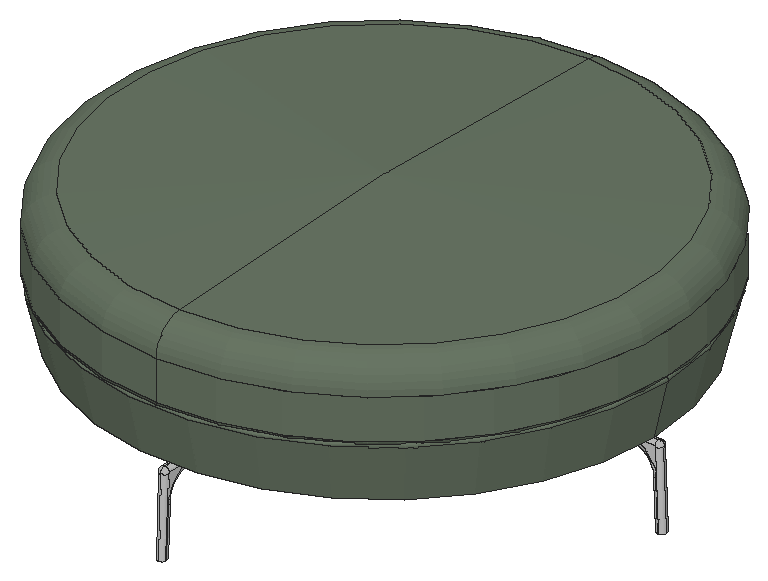
Revit family "FU_Inspec_Addit_8-4", category Furniture, Revit 2020
Family settings
  OmniClass Number = 23.40.20.00
  OmniClass Title = General Furniture and Specialties
  Work Plane-Based = No
  Always vertical = Yes
  Cut with Voids When Loaded = No
  Shared = No
  Room Calculation Point = No
Parameters (values of type "1 Colour")
  URL = "https://inspecfurniture.com/product-details/addit-8-4/"
  Seat Material = Fabric - Green
  Model = "addit 8.4"
  Manufacturer = "Inspec"  # constant formula
  Legs Material = Metal - Chrome - Polished
  Keynote = "46.B"
  Frame Material = Fabric - Green
  Description = "Upholstered ottoman on legs of powder coated or chromium plated cast aluminium."
  Default Elevation = 0 mm
  Content Author = "AEC AB"  # constant formula
  Assembly Code = "E2020"
Types (2, lengths in mm): name | Frame Material
  1 Colour | Fabric - Green
  2 Color | Fabric - White
Reference planes
  plane 1 "Center (Front/Back)": y = 0
  plane 2: z = 0
  plane 3 "Center (Left/Right)": x = 0
  plane 4: y = 600
  plane 5: y = -600
  plane 6: x = -600
  plane 7: x = 600
  plane 8 "Seat Height": z = 470
Forms (mm)
  Extrusion 1, solid, material "Metal - Chrome - Polished" <- "Legs Material"
    sketch origin (225, 0, 0) x (-1, 0, 0) y (0, 0, 1)
      loop
        line (-369.669, 0) -> (-350.696, 0) -> (-346.22, 102.58)
        arc (-346.22, 102.58) -> (-334.768, 132.868) -> (-307.57, 150.44) r 51.803
        line (-307.57, 150.44) -> (-250.011, 159.504) -> (-250.011, 171.44) -> (-354.044, 171.44)
        arc (-354.044, 171.44) -> (-360.991, 168.633) -> (-364.038, 161.788) r 10
        line (-364.038, 161.788) -> (-369.669, 0)
    from -9.172 to 9.116
  Sweep 2, void
    path origin (225, 9.116, 0) x (-1, 0, 0) y (0, 0, 1)
      loop
        line (-250.011, 171.44) -> (-354.044, 171.44)
        arc (-354.044, 171.44) -> (-360.991, 168.633) -> (-364.038, 161.788) r 10
        line (-364.038, 161.788) -> (-369.669, 0)
    profile origin (591.854, 9.116, 80.894) x (-0.999395, 0, -0.034788) y (0, 1, 0)
      loop
        line (0, 0) -> (0, -9)
        arc (0, -9) -> (2.636, -2.636) -> (9, 0) r 9
        line (9, 0) -> (0, 0)
  Sweep 3, void
    path origin (225, -9.172, 0) x (-1, 0, 0) y (0, 0, 1)
      loop
        line (-250.011, 171.44) -> (-354.044, 171.44)
        arc (-354.044, 171.44) -> (-360.991, 168.633) -> (-364.038, 161.788) r 10
        line (-364.038, 161.788) -> (-369.669, 0)
    profile origin (527.027, -9.172, 171.44) x (0, 0, -1) y (0, 1, 0)
      loop
        line (0, 0) -> (9, 0)
        arc (9, 0) -> (2.636, 2.636) -> (0, 9) r 9
        line (0, 9) -> (0, 0)
  Sweep 4, void
    path origin (225, -9.172, 0) x (-1, 0, 0) y (0, 0, 1)
      loop
        line (-350.797, -2.32) -> (-346.22, 102.58)
        arc (-346.22, 102.58) -> (-334.768, 132.868) -> (-307.57, 150.44) r 51.803
        line (-307.57, 150.44) -> (-250.011, 159.504)
    profile origin (503.791, -9.172, 154.972) x (0.155556, 0, 0.987827) y (0, 1, 0)
      loop
        line (0, 0) -> (9, 0)
        arc (9, 0) -> (2.636, 2.636) -> (0, 9) r 9
        line (0, 9) -> (0, 0)
  Sweep 5, void
    path origin (225, 9.116, 0) x (-1, 0, 0) y (0, 0, 1)
      loop
        line (-350.797, -2.32) -> (-346.22, 102.58)
        arc (-346.22, 102.58) -> (-334.768, 132.868) -> (-307.57, 150.44) r 51.803
        line (-307.57, 150.44) -> (-250.011, 159.504)
    profile origin (503.791, 9.116, 154.972) x (0.155556, 0, 0.987827) y (0, 1, 0)
      loop
        line (0, 0) -> (0, -9)
        arc (0, -9) -> (2.636, -2.636) -> (9, 0) r 9
        line (9, 0) -> (0, 0)
  Extrusion 6, solid, material "Metal - Chrome - Polished" <- "Legs Material"
    sketch origin (0, -225, 0) x (0, 1, 0) y (0, 0, 1)
      loop
        line (-369.669, 0) -> (-350.696, 0) -> (-346.22, 102.58)
        arc (-346.22, 102.58) -> (-334.768, 132.868) -> (-307.57, 150.44) r 51.803
        line (-307.57, 150.44) -> (-250.011, 159.504) -> (-250.011, 171.44) -> (-354.044, 171.44)
        arc (-354.044, 171.44) -> (-360.991, 168.633) -> (-364.038, 161.788) r 10
        line (-364.038, 161.788) -> (-369.669, 0)
    from -9.172 to 9.116
  Sweep 7, void
    path origin (9.116, -225, 0) x (0, 1, 0) y (0, 0, 1)
      loop
        line (-250.011, 171.44) -> (-354.044, 171.44)
        arc (-354.044, 171.44) -> (-360.991, 168.633) -> (-364.038, 161.788) r 10
        line (-364.038, 161.788) -> (-369.669, 0)
    profile origin (9.116, -591.854, 80.894) x (0, 0.999395, -0.034788) y (1, 0, 0)
      loop
        line (0, 0) -> (0, -9)
        arc (0, -9) -> (2.636, -2.636) -> (9, 0) r 9
        line (9, 0) -> (0, 0)
  Sweep 8, void
    path origin (-9.172, -225, 0) x (0, 1, 0) y (0, 0, 1)
      loop
        line (-250.011, 171.44) -> (-354.044, 171.44)
        arc (-354.044, 171.44) -> (-360.991, 168.633) -> (-364.038, 161.788) r 10
        line (-364.038, 161.788) -> (-369.669, 0)
    profile origin (-9.172, -527.027, 171.44) x (0, 0, -1) y (1, 0, 0)
      loop
        line (0, 0) -> (9, 0)
        arc (9, 0) -> (2.636, 2.636) -> (0, 9) r 9
        line (0, 9) -> (0, 0)
  Sweep 9, void
    path origin (-9.172, -225, 0) x (0, 1, 0) y (0, 0, 1)
      loop
        line (-350.797, -2.32) -> (-346.22, 102.58)
        arc (-346.22, 102.58) -> (-334.768, 132.868) -> (-307.57, 150.44) r 51.803
        line (-307.57, 150.44) -> (-250.011, 159.504)
    profile origin (-9.172, -503.791, 154.972) x (0, -0.155556, 0.987827) y (1, 0, 0)
      loop
        line (0, 0) -> (9, 0)
        arc (9, 0) -> (2.636, 2.636) -> (0, 9) r 9
        line (0, 9) -> (0, 0)
  Sweep 10, void
    path origin (9.116, -225, 0) x (0, 1, 0) y (0, 0, 1)
      loop
        line (-350.797, -2.32) -> (-346.22, 102.58)
        arc (-346.22, 102.58) -> (-334.768, 132.868) -> (-307.57, 150.44) r 51.803
        line (-307.57, 150.44) -> (-250.011, 159.504)
    profile origin (9.116, -503.791, 154.972) x (0, -0.155556, 0.987827) y (1, 0, 0)
      loop
        line (0, 0) -> (0, -9)
        arc (0, -9) -> (2.636, -2.636) -> (9, 0) r 9
        line (9, 0) -> (0, 0)
  Extrusion 11, solid, material "Metal - Chrome - Polished" <- "Legs Material"
    sketch origin (-225, 0, 0) x (1, 0, 0) y (0, 0, 1)
      loop
        line (-369.669, 0) -> (-350.696, 0) -> (-346.22, 102.58)
        arc (-346.22, 102.58) -> (-334.768, 132.868) -> (-307.57, 150.44) r 51.803
        line (-307.57, 150.44) -> (-250.011, 159.504) -> (-250.011, 171.44) -> (-354.044, 171.44)
        arc (-354.044, 171.44) -> (-360.991, 168.633) -> (-364.038, 161.788) r 10
        line (-364.038, 161.788) -> (-369.669, 0)
    from -9.172 to 9.116
  Sweep 12, void
    path origin (-225, -9.116, 0) x (1, 0, 0) y (0, 0, 1)
      loop
        line (-250.011, 171.44) -> (-354.044, 171.44)
        arc (-354.044, 171.44) -> (-360.991, 168.633) -> (-364.038, 161.788) r 10
        line (-364.038, 161.788) -> (-369.669, 0)
    profile origin (-591.854, -9.116, 80.894) x (0.999395, 0, -0.034788) y (0, -1, 0)
      loop
        line (0, 0) -> (0, -9)
        arc (0, -9) -> (2.636, -2.636) -> (9, 0) r 9
        line (9, 0) -> (0, 0)
  Sweep 13, void
    path origin (-225, 9.172, 0) x (1, 0, 0) y (0, 0, 1)
      loop
        line (-250.011, 171.44) -> (-354.044, 171.44)
        arc (-354.044, 171.44) -> (-360.991, 168.633) -> (-364.038, 161.788) r 10
        line (-364.038, 161.788) -> (-369.669, 0)
    profile origin (-527.027, 9.172, 171.44) x (0, 0, -1) y (0, -1, 0)
      loop
        line (0, 0) -> (9, 0)
        arc (9, 0) -> (2.636, 2.636) -> (0, 9) r 9
        line (0, 9) -> (0, 0)
  Sweep 14, void
    path origin (-225, 9.172, 0) x (1, 0, 0) y (0, 0, 1)
      loop
        line (-350.797, -2.32) -> (-346.22, 102.58)
        arc (-346.22, 102.58) -> (-334.768, 132.868) -> (-307.57, 150.44) r 51.803
        line (-307.57, 150.44) -> (-250.011, 159.504)
    profile origin (-503.791, 9.172, 154.972) x (-0.155556, 0, 0.987827) y (0, -1, 0)
      loop
        line (0, 0) -> (9, 0)
        arc (9, 0) -> (2.636, 2.636) -> (0, 9) r 9
        line (0, 9) -> (0, 0)
  Sweep 15, void
    path origin (-225, -9.116, 0) x (1, 0, 0) y (0, 0, 1)
      loop
        line (-350.797, -2.32) -> (-346.22, 102.58)
        arc (-346.22, 102.58) -> (-334.768, 132.868) -> (-307.57, 150.44) r 51.803
        line (-307.57, 150.44) -> (-250.011, 159.504)
    profile origin (-503.791, -9.116, 154.972) x (-0.155556, 0, 0.987827) y (0, -1, 0)
      loop
        line (0, 0) -> (0, -9)
        arc (0, -9) -> (2.636, -2.636) -> (9, 0) r 9
        line (9, 0) -> (0, 0)
  Extrusion 16, solid, material "Metal - Chrome - Polished" <- "Legs Material"
    sketch origin (0, 225, 0) x (0, -1, 0) y (0, 0, 1)
      loop
        line (-369.669, 0) -> (-350.696, 0) -> (-346.22, 102.58)
        arc (-346.22, 102.58) -> (-334.768, 132.868) -> (-307.57, 150.44) r 51.803
        line (-307.57, 150.44) -> (-250.011, 159.504) -> (-250.011, 171.44) -> (-354.044, 171.44)
        arc (-354.044, 171.44) -> (-360.991, 168.633) -> (-364.038, 161.788) r 10
        line (-364.038, 161.788) -> (-369.669, 0)
    from -9.172 to 9.116
  Sweep 17, void
    path origin (-9.116, 225, 0) x (0, -1, 0) y (0, 0, 1)
      loop
        line (-250.011, 171.44) -> (-354.044, 171.44)
        arc (-354.044, 171.44) -> (-360.991, 168.633) -> (-364.038, 161.788) r 10
        line (-364.038, 161.788) -> (-369.669, 0)
    profile origin (-9.116, 591.854, 80.894) x (0, -0.999395, -0.034788) y (-1, 0, 0)
      loop
        line (0, 0) -> (0, -9)
        arc (0, -9) -> (2.636, -2.636) -> (9, 0) r 9
        line (9, 0) -> (0, 0)
  Sweep 18, void
    path origin (9.172, 225, 0) x (0, -1, 0) y (0, 0, 1)
      loop
        line (-250.011, 171.44) -> (-354.044, 171.44)
        arc (-354.044, 171.44) -> (-360.991, 168.633) -> (-364.038, 161.788) r 10
        line (-364.038, 161.788) -> (-369.669, 0)
    profile origin (9.172, 527.027, 171.44) x (0, 0, -1) y (-1, 0, 0)
      loop
        line (0, 0) -> (9, 0)
        arc (9, 0) -> (2.636, 2.636) -> (0, 9) r 9
        line (0, 9) -> (0, 0)
  Sweep 19, void
    path origin (9.172, 225, 0) x (0, -1, 0) y (0, 0, 1)
      loop
        line (-350.797, -2.32) -> (-346.22, 102.58)
        arc (-346.22, 102.58) -> (-334.768, 132.868) -> (-307.57, 150.44) r 51.803
        line (-307.57, 150.44) -> (-250.011, 159.504)
    profile origin (9.172, 503.791, 154.972) x (0, 0.155556, 0.987827) y (-1, 0, 0)
      loop
        line (0, 0) -> (9, 0)
        arc (9, 0) -> (2.636, 2.636) -> (0, 9) r 9
        line (0, 9) -> (0, 0)
  Sweep 20, void
    path origin (-9.116, 225, 0) x (0, -1, 0) y (0, 0, 1)
      loop
        line (-350.797, -2.32) -> (-346.22, 102.58)
        arc (-346.22, 102.58) -> (-334.768, 132.868) -> (-307.57, 150.44) r 51.803
        line (-307.57, 150.44) -> (-250.011, 159.504)
    profile origin (-9.116, 503.791, 154.972) x (0, 0.155556, 0.987827) y (-1, 0, 0)
      loop
        line (0, 0) -> (0, -9)
        arc (0, -9) -> (2.636, -2.636) -> (9, 0) r 9
        line (9, 0) -> (0, 0)
  Revolve 21, solid, material "Fabric - Green" <- "Frame Material"
    sketch origin (0, 0, 0) x (1, 0, 0) y (0, 0, 1)
      loop
        line (0, 174) -> (0, 294) -> (-593.454, 294)
        arc (-593.454, 294) -> (-597.394, 292.078) -> (-598.305, 287.791) r 5
        line (-598.305, 287.791) -> (-569.94, 174) -> (0, 174)
      axis (0, 294) -> (0, 174)
    angle from 0 to 360
  Revolve 22, solid, material "Fabric - Green" <- "Seat Material"
    sketch origin (0, 0, 0) x (0, 1, 0) y (0, 0, 1)
      loop
        line (0, 294) -> (594, 294)
        arc (594, 294) -> (598.243, 295.757) -> (600, 300) r 6
        line (600, 300) -> (600, 384.461)
        arc (600, 384.461) -> (582.533, 428.797) -> (539.518, 449.304) r 65
        arc (539.518, 449.304) -> (269.921, 463.864) -> (0, 470) r 8646.88
        line (0, 470) -> (0, 294)
      axis (0, 470) -> (0, 294)
    angle from 0 to 360
Cuts and joins
  Sweep 12, Sweep 13, Sweep 14, Sweep 15 cuts Extrusion 11
  Sweep 7, Sweep 8, Sweep 9, Sweep 10 cuts Extrusion 6
  Sweep 2, Sweep 3, Sweep 4, Sweep 5 cuts Extrusion 1
  Sweep 17, Sweep 18, Sweep 19, Sweep 20 cuts Extrusion 16
Lines and regions (mm)
  Masking region 1
    outline origin (0, 0, 470) x (-1, 0, 0) y (0, -1, 0)
      loop
        circle (0, 0) r 600
Dimensions and locks
  plane 6 to plane 7 = 1200 mm
  aligned and locked: level to plane 2
